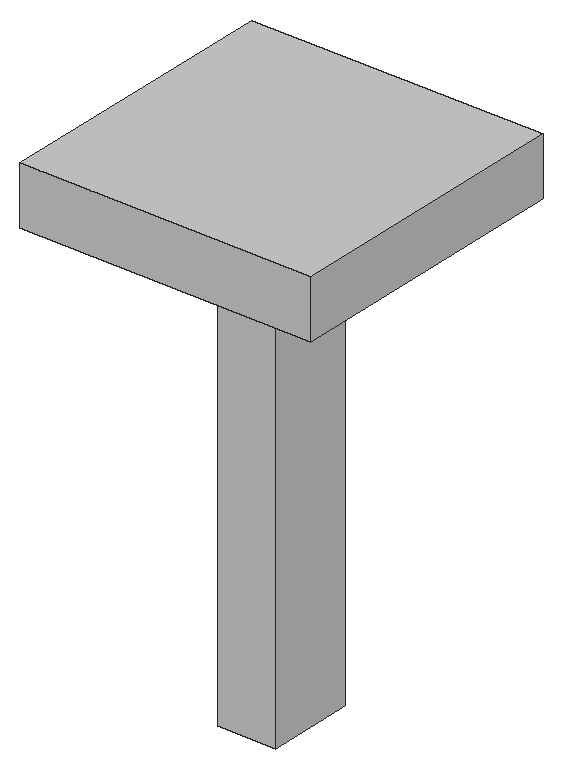
Revit family "드롭 캡이 있는 콘크리트-직사각형-기둥", category 구조 기둥, Revit 2026
Family settings
  숨겨진 뷰로 표시 = 다른 부재에 가려진 모서리
  단면 모양 = 정의되지 않음
  모델 동작 재료 = 콘크리트
  항상 형상으로 내보내기 = 아니오
  평면의 보 전환 = 경계 상자에서
  로드될 때 보이드를 사용하여 절단 = 아니오
  기호 표현 = 패밀리에서
  공유 = 아니오
  평면도에서 미리 절단된 패밀리 표시 = 아니오
Parameters (values of type "M_300 x 450")
  드롭 패널 표시 [instance] = yes
  기둥 머리 보기 [instance] = yes
  높이 1 [instance] = if(기둥 머리 보기, 기둥 머리 높이, 0 mm)  # 300 mm
  드롭 패널 길이 [instance] = 1500 mm
  슬래브 두께 [instance] = 120 mm
  드롭 패널 폭 [instance] = 1500 mm
  드롭 패널 두께 [instance] = 300 mm
  기둥 머리 상단 길이 [instance] = 900 mm
  기둥 머리 상단 폭 [instance] = 1050 mm
  기둥 머리 상단 간격띄우기 [instance] = if(드롭 패널 표시, 드롭 패널 두께, 0 mm)  # 300 mm
  기둥 머리 높이 [instance] = 300 mm
  조합 코드 = "B10"
  Structural Material [instance] = 콘크리트 - 현장타설 콘크리트
  b = 300 mm
  h = 450 mm
Types (4, lengths in mm): name | b | h
  (no name) | 300 | 450
  M_300 x 450 | 300 | 450
  M_450 x 600 | 450 | 600
  M_600 x 750 | 600 | 750
Reference planes
  plane 1 "중심(앞/뒤)": y = 0
  plane 2: z = 0
  plane 3 "중심(왼쪽/오른쪽)": x = 0
  plane 4: x = -150
  plane 5: x = 150
  plane 6: y = 225
  plane 7: y = -225
  plane 8: z = 2743.2
  plane 9: z = 2623.2
  plane 10: z = 2323.2
  plane 11: z = 2023.2
  plane 12: z = 2023.2
  plane 13: x = -750
  plane 14: x = 750
  plane 15: y = 750
  plane 16: y = -750
  plane 17: x = -450
  plane 18: x = 450
  plane 19: y = 525
  plane 20: y = -525
  plane 21: z = 2323.2
Forms (mm)
  Extrusion 1, solid, material "콘크리트 - 현장타설 콘크리트" <- "Structural Material"
    sketch origin (0, 0, 0) x (1, 0, 0) y (0, 1, 0)
      loop
        line (-150, 225) -> (-150, -225) -> (150, -225) -> (150, 225) -> (-150, 225)
    from 0 to 2023.2
Lines and regions (mm)
  symbolic lines, style "HiddenStructuralColumnLines"
    curve 1: line (-150, 225, 0) -> (150, 225, 0)
    curve 2: line (-150, -225, 0) -> (-150, 225, 0)
    curve 3: line (150, -225, 0) -> (-150, -225, 0)
    curve 4: line (150, 225, 0) -> (150, -225, 0)
Dimensions and locks
  equal spacing: plane 4, plane 3 "중심(왼쪽/오른쪽)", plane 5
  equal spacing: plane 7, plane 1 "중심(앞/뒤)", plane 6
  "h": plane 7 to plane 6
  "b": plane 4 to plane 5
  "드롭 패널 두께": plane 9 to plane 10
  "슬래브 두께": plane 8 to plane 9
  plane 11 to plane 2 = 2023.2 mm
  "드롭 패널 길이": plane 13 to plane 14
  equal spacing: plane 13, plane 3 "중심(왼쪽/오른쪽)", plane 14
  "드롭 패널 폭": plane 16 to plane 15
  equal spacing: plane 15, plane 1 "중심(앞/뒤)", plane 16
  "기둥 머리 상단 길이": plane 17 to plane 18
  equal spacing: plane 17, plane 3 "중심(왼쪽/오른쪽)", plane 18
  "기둥 머리 상단 폭": plane 20 to plane 19
  equal spacing: plane 20, plane 1 "중심(앞/뒤)", plane 19
  "기둥 머리 상단 간격띄우기": plane 9 to plane 21
  "기둥 머리 높이": plane 21 to plane 11
  "높이 1": plane 21 to plane 12
  aligned and locked: level to plane 2
  aligned and locked: level to plane 8
  aligned and locked: plane 9 to nested 1
  aligned and locked: nested 1 to plane 10
  aligned and locked: nested 1 to plane 13  (x2)
  aligned and locked: plane 14 to nested 1  (x2)
  aligned and locked: plane 15 to nested 1
  aligned and locked: plane 16 to nested 1
  aligned and locked: plane 19 to nested 2
  aligned and locked: plane 20 to nested 2
  aligned and locked: nested 2 to plane 17
  aligned and locked: nested 2 to plane 18
  aligned and locked: plane 6 to Extrusion 1 sketch curve
  aligned and locked: Extrusion 1 sketch curve to plane 7
  aligned and locked: Extrusion 1 sketch curve to plane 4
  aligned and locked: plane 5 to Extrusion 1 sketch curve
  aligned and locked: plane 12 to Extrusion 1
  aligned and locked: nested 2 to plane 11
  aligned and locked: plane 21 to nested 2
  aligned and locked: plane 4 to curve 1
  aligned and locked: plane 6 to curve 1
  aligned and locked: plane 7 to curve 4
  aligned and locked: plane 5 to curve 4
Nested families
  nested 1: "M_플랫 드롭 캡" at (0, 0, 2743.2), visible <- "드롭 패널 표시", type "M_플랫 드롭 캡"
  nested 2: "M_직사각형 혼합 기둥 머리" at (0, 0, 2443.2), visible <- "기둥 머리 보기", type "M_직사각형 혼합 기둥 머리"
Definition of nested family "M_플랫 드롭 캡"
  Parameters
    슬래브 두께 = 120 mm
    택시 재료 = none
    드롭 패널 폭 = 1500 mm
    드롭 패널 두께 = 300 mm
    드롭 패널 길이 = 1500 mm
    Assembly Code = ""
    Default Elevation = 0 mm
  Reference planes
    plane 1 "중심(앞/뒤)": y = 0
    plane 2: z = 0
    plane 3 "중심(왼쪽/오른쪽)": x = 0
    plane 4: y = 750
    plane 5: y = -750
    plane 6: x = -750
    plane 7: x = 750
    plane 8: z = -120
    plane 9: z = -420
  Forms (mm)
    Extrusion 1, solid, material <- "택시 재료"
      sketch origin (0, 0, 0) x (1, 0, 0) y (0, 1, 0)
        loop
          line (-750, 750) -> (-750, -750) -> (750, -750) -> (750, 750) -> (-750, 750)
      from -120 to -420
  Dimensions and locks
    "드롭 패널 길이": plane 6 to plane 7
    "드롭 패널 폭": plane 4 to plane 5
    equal spacing: plane 6, plane 3 "중심(왼쪽/오른쪽)", plane 7
    equal spacing: plane 4, plane 1 "중심(앞/뒤)", plane 5
    "슬래브 두께": plane 2 to plane 8
    "드롭 패널 두께": plane 8 to plane 9
    aligned and locked: plane 2 to level
    aligned and locked: plane 6 to Extrusion 1 sketch curve
    aligned and locked: Extrusion 1 sketch curve to plane 4
    aligned and locked: plane 5 to Extrusion 1 sketch curve
    aligned and locked: Extrusion 1 sketch curve to plane 7
    aligned and locked: Extrusion 1 to plane 9
    aligned and locked: plane 8 to Extrusion 1
Definition of nested family "M_직사각형 혼합 기둥 머리"
  Parameters
    슬래브 두께 = 120 mm
    택시 재료 = none
    캡 상단 폭 = 1050 mm
    캡 상단 길이 = 900 mm
    캡 두께 = 300 mm
    캡 베이스 폭 = 450 mm
    캡 베이스 길이 = 300 mm
    Assembly Code = ""
    Default Elevation = 0 mm
  Reference planes
    plane 1 "중심(앞/뒤)": y = 0
    plane 2: z = 0
    plane 3 "중심(왼쪽/오른쪽)": x = 0
    plane 4: y = 225
    plane 5: y = -225
    plane 6: x = -150
    plane 7: x = 150
    plane 8: y = 525
    plane 9: x = -450
    plane 10: x = 450
    plane 11: y = -525
    plane 12 "캡 상단": z = -120
    plane 13 "캡 베이스": z = -420
  Forms (mm)
    Blend 1, solid, material <- "택시 재료"
      base sketch origin (0, 0, -120) x (-1, 0, 0) y (0, -1, 0)
        loop
          line (150, -225) -> (150, 225) -> (-150, 225) -> (-150, -225) -> (150, -225)
      top sketch origin (0, 0, -420) x (-1, 0, 0) y (0, -1, 0)
        loop
          line (450, -525) -> (450, 525) -> (-450, 525) -> (-450, -525) -> (450, -525)
      from -300 to 300
  Dimensions and locks
    "캡 베이스 길이": plane 6 to plane 7
    "캡 베이스 폭": plane 4 to plane 5
    equal spacing: plane 6, plane 3 "중심(왼쪽/오른쪽)", plane 7
    equal spacing: plane 4, plane 1 "중심(앞/뒤)", plane 5
    "캡 상단 길이": plane 9 to plane 10
    "캡 상단 폭": plane 11 to plane 8
    equal spacing: plane 9, plane 3 "중심(왼쪽/오른쪽)", plane 10
    equal spacing: plane 11, plane 1 "중심(앞/뒤)", plane 8
    "슬래브 두께": plane 2 to plane 12 "캡 상단"
    "캡 두께": plane 12 "캡 상단" to plane 13 "캡 베이스"
    aligned and locked: plane 2 to level
    aligned and locked: plane 6 to Blend 1 sketch curve
    aligned and locked: Blend 1 sketch curve to plane 4
    aligned and locked: plane 5 to Blend 1 sketch curve
    aligned and locked: Blend 1 sketch curve to plane 7
    aligned and locked: plane 9 to Blend 1 sketch curve
    aligned and locked: Blend 1 sketch curve to plane 8
    aligned and locked: plane 11 to Blend 1 sketch curve
    aligned and locked: plane 10 to Blend 1 sketch curve
    aligned and locked: Blend 1 to plane 13 "캡 베이스"
    aligned and locked: plane 12 "캡 상단" to Blend 1
